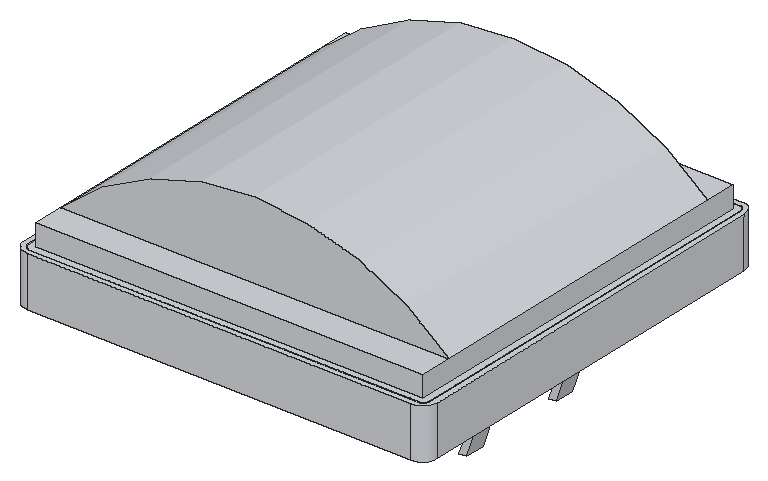
Revit family "Gira_537401", category Electrical Fixtures, host Face, Revit 2017
Family settings
  Host = Face
  Maintain Annotation Orientation = Yes
  Round Connector Dimension = Use Diameter
  Part Type = Normal
  Cut with Voids When Loaded = No
  Shared = No
  Room Calculation Point = No
Parameters (values of type "S3000 Beweg.m.aufs. 1,10 m Komfort BT System 55 Cremeweiß")
  Werkstoffgüte = "sonstige"
  Werkstoff = "sonstige"
  Vernetzbar = "Yes"
  Unterkriechschutz/Rückfeldüberwachung = "No"
  URL = "http://katalog.gira.de/de_DE/datenblatt.html?artikelnr=537401"
  Treppenhausüberwachung = "Yes"
  Tierschneise = "Yes"
  Teach-Funktion für Ansprechhelligkeit = "No"
  Region = "DE"
  RAL-Nummer (ähnlich) = "1013 "
  Name = "S3000 Beweg.m.aufs. 1,10 m Komfort BT System 55 Cremeweiß"
  Montagehöhe = "1,1 m"
  Montageart = "unter Putz"
  Min. Einschaltdauer = "10 s"
  Max. Reichweite zu einer Seite = "6 m"
  Max. Reichweite frontal = "10 m"
  Max. Einschaltdauer = "1800 s"
  Manufacturer URL = "https://www.gira.de/"
  Konstantlichtregelung = "No"
  Keynote = "Bewegungsmelder_1,10m"
  HeinzeBIM = "https://bimportal.heinze.de/bim/s3000-beweg-m-aufs-1-10-m-komfort-bt-system-55-cremeweiss/a141a2cecabb5eefa2378ffd239154cf858d1ac0"
  Halogenfrei = "Yes"
  HLK-Ansteuerung = "No"
  HAN = "537401"
  Geeignet für drahtlose Übertragung = "No"
  Geeignet für Schutzart (IP) = "IP20"
  GTIN = "4010337048336"
  Farbe = "cremeweiß (elektroweiß)"
  Erfassungswinkel horizontal = "1 - 180"
  Default Elevation = 1219.2 mm
  Data sheet (1) = "https://katalog.gira.de/de_DE/download.html?artikelnr=537401"
  Category = "Bewegungsmelder-Sensor"
  Available = "Yes"
  Ausführung = "Bewegungsmelder"
  Ansprechhelligkeit einstellbar = "No"
  Ansprechempfindlichkeit einstellbar = "Yes"
  Abdimmfunktion mit Dimmeinsatz = "No"
Reference planes
  plane 1 "Center (Front/Back)": y = 0
  plane 2: z = 0
  plane 3 "Center (Left/Right)": x = 0
Forms (mm)
  Extrusion 1, solid, detail levels fine
    sketch origin (0, 0, 0) x (1, 0, 0) y (0, 0, 1)
      loop
        line (-33.025, 12.126) -> (33.025, 12.126)
        arc (33.025, 12.126) -> (0, 25.3) -> (-33.025, 12.126) r 47.982
    from -27.6 to 27.6
  Extrusion 2, solid, detail levels fine
    sketch origin (0, 0, 0) x (1, 0, 0) y (0, 1, 0)
      loop
        line (33.025, 33.025) -> (-33.025, 33.025) -> (-33.025, -33.025) -> (33.025, -33.025) -> (33.025, 33.025)
    from 8.55 to 12.126
  Extrusion 3, solid, detail levels fine
    sketch origin (0, 0, 0) x (1, 0, 0) y (0, 1, 0)
      loop
        spline (-32.7, 35.2) -> (-33.027, 35.179) -> (-33.347, 35.115) -> (-33.657, 35.01) -> (-33.95, 34.865) -> (-34.222, 34.683) -> (-34.468, 34.468) -> (-34.683, 34.222) -> (-34.865, 33.95) -> (-35.01, 33.657) -> (-35.115, 33.347) -> (-35.179, 33.027) -> (-35.2, 32.7)
        line (-35.2, 32.7) -> (-35.2, -32.7)
        spline (-35.2, -32.7) -> (-35.179, -33.027) -> (-35.115, -33.347) -> (-35.01, -33.657) -> (-34.865, -33.95) -> (-34.683, -34.222) -> (-34.468, -34.468) -> (-34.222, -34.683) -> (-33.95, -34.865) -> (-33.657, -35.01) -> (-33.347, -35.115) -> (-33.027, -35.179) -> (-32.7, -35.2)
        line (-32.7, -35.2) -> (32.7, -35.2)
        spline (32.7, -35.2) -> (33.027, -35.179) -> (33.347, -35.115) -> (33.657, -35.01) -> (33.95, -34.865) -> (34.222, -34.683) -> (34.468, -34.468) -> (34.683, -34.222) -> (34.865, -33.95) -> (35.01, -33.657) -> (35.115, -33.347) -> (35.179, -33.027) -> (35.2, -32.7)
        line (35.2, -32.7) -> (35.2, 32.7)
        spline (35.2, 32.7) -> (35.179, 33.027) -> (35.115, 33.347) -> (35.01, 33.657) -> (34.865, 33.95) -> (34.683, 34.222) -> (34.468, 34.468) -> (34.222, 34.683) -> (33.95, 34.865) -> (33.657, 35.01) -> (33.347, 35.115) -> (33.027, 35.179) -> (32.7, 35.2)
        line (32.7, 35.2) -> (-32.7, 35.2)
      loop
        line (-34.2, 33.2) -> (-34.2, -33.2)
        spline (-34.2, -33.2) -> (-34.191, -33.331) -> (-34.166, -33.459) -> (-34.124, -33.583) -> (-34.066, -33.7) -> (-33.993, -33.809) -> (-33.907, -33.907) -> (-33.809, -33.993) -> (-33.7, -34.066) -> (-33.583, -34.124) -> (-33.459, -34.166) -> (-33.331, -34.191) -> (-33.2, -34.2)
        line (-33.2, -34.2) -> (33.2, -34.2)
        spline (33.2, -34.2) -> (33.331, -34.191) -> (33.459, -34.166) -> (33.583, -34.124) -> (33.7, -34.066) -> (33.809, -33.993) -> (33.907, -33.907) -> (33.993, -33.809) -> (34.066, -33.7) -> (34.124, -33.583) -> (34.166, -33.459) -> (34.191, -33.331) -> (34.2, -33.2)
        line (34.2, -33.2) -> (34.2, 33.2)
        spline (34.2, 33.2) -> (34.191, 33.331) -> (34.166, 33.459) -> (34.124, 33.583) -> (34.066, 33.7) -> (33.993, 33.809) -> (33.907, 33.907) -> (33.809, 33.993) -> (33.7, 34.066) -> (33.583, 34.124) -> (33.459, 34.166) -> (33.331, 34.191) -> (33.2, 34.2)
        line (33.2, 34.2) -> (-33.2, 34.2)
        spline (-33.2, 34.2) -> (-33.331, 34.191) -> (-33.459, 34.166) -> (-33.583, 34.124) -> (-33.7, 34.066) -> (-33.809, 33.993) -> (-33.907, 33.907) -> (-33.993, 33.809) -> (-34.066, 33.7) -> (-34.124, 33.583) -> (-34.166, 33.459) -> (-34.191, 33.331) -> (-34.2, 33.2)
    from 0 to 8.55
  Extrusion 4, solid, detail levels fine
    sketch origin (0, 0, 0) x (1, 0, 0) y (0, 1, 0)
      loop
        line (-34.2, 33.2) -> (-34.2, -33.2)
        spline (-34.2, -33.2) -> (-34.191, -33.331) -> (-34.166, -33.459) -> (-34.124, -33.583) -> (-34.066, -33.7) -> (-33.993, -33.809) -> (-33.907, -33.907) -> (-33.809, -33.993) -> (-33.7, -34.066) -> (-33.583, -34.124) -> (-33.459, -34.166) -> (-33.331, -34.191) -> (-33.2, -34.2)
        line (-33.2, -34.2) -> (33.2, -34.2)
        spline (33.2, -34.2) -> (33.331, -34.191) -> (33.459, -34.166) -> (33.583, -34.124) -> (33.7, -34.066) -> (33.809, -33.993) -> (33.907, -33.907) -> (33.993, -33.809) -> (34.066, -33.7) -> (34.124, -33.583) -> (34.166, -33.459) -> (34.191, -33.331) -> (34.2, -33.2)
        line (34.2, -33.2) -> (34.2, 33.2)
        spline (34.2, 33.2) -> (34.191, 33.331) -> (34.166, 33.459) -> (34.124, 33.583) -> (34.066, 33.7) -> (33.993, 33.809) -> (33.907, 33.907) -> (33.809, 33.993) -> (33.7, 34.066) -> (33.583, 34.124) -> (33.459, 34.166) -> (33.331, 34.191) -> (33.2, 34.2)
        line (33.2, 34.2) -> (-33.2, 34.2)
        spline (-33.2, 34.2) -> (-33.331, 34.191) -> (-33.459, 34.166) -> (-33.583, 34.124) -> (-33.7, 34.066) -> (-33.809, 33.993) -> (-33.907, 33.907) -> (-33.993, 33.809) -> (-34.066, 33.7) -> (-34.124, 33.583) -> (-34.166, 33.459) -> (-34.191, 33.331) -> (-34.2, 33.2)
    from 6.175 to 8.55
  Extrusion 5, solid, detail levels fine
    sketch origin (0, 0, 0) x (1, 0, 0) y (0, 1, 0)
      loop
        spline (-27.7, -27.1) -> (-27.696, -27.165) -> (-27.683, -27.229) -> (-27.662, -27.291) -> (-27.633, -27.35) -> (-27.597, -27.404) -> (-27.554, -27.454) -> (-27.504, -27.497) -> (-27.45, -27.533) -> (-27.391, -27.562) -> (-27.329, -27.583) -> (-27.265, -27.596) -> (-27.2, -27.6)
        line (-27.2, -27.6) -> (27.2, -27.6)
        spline (27.2, -27.6) -> (27.265, -27.596) -> (27.329, -27.583) -> (27.391, -27.562) -> (27.45, -27.533) -> (27.504, -27.497) -> (27.554, -27.454) -> (27.597, -27.404) -> (27.633, -27.35) -> (27.662, -27.291) -> (27.683, -27.229) -> (27.696, -27.165) -> (27.7, -27.1)
        line (27.7, -27.1) -> (27.7, 27.1)
        spline (27.7, 27.1) -> (27.696, 27.165) -> (27.683, 27.229) -> (27.662, 27.291) -> (27.633, 27.35) -> (27.597, 27.404) -> (27.554, 27.454) -> (27.504, 27.497) -> (27.45, 27.533) -> (27.391, 27.562) -> (27.329, 27.583) -> (27.265, 27.596) -> (27.2, 27.6)
        line (27.2, 27.6) -> (-27.2, 27.6)
        spline (-27.2, 27.6) -> (-27.265, 27.596) -> (-27.329, 27.583) -> (-27.391, 27.562) -> (-27.45, 27.533) -> (-27.504, 27.497) -> (-27.554, 27.454) -> (-27.597, 27.404) -> (-27.633, 27.35) -> (-27.662, 27.291) -> (-27.683, 27.229) -> (-27.696, 27.165) -> (-27.7, 27.1)
        line (-27.7, 27.1) -> (-27.7, -27.1)
      loop
        line (26.9, 26.8) -> (-26.9, 26.8) -> (-26.9, -26.8) -> (26.9, -26.8) -> (26.9, 26.8)
    from 0 to 6.175
  Extrusion 6, solid, detail levels fine
    sketch origin (0, 0, 0) x (1, 0, 0) y (0, 1, 0)
      loop
        line (-15.4, -23.928) -> (15.4, -23.928)
        arc (15.4, -23.928) -> (21.43, -21.43) -> (23.928, -15.4) r 8.528
        line (23.928, -15.4) -> (23.928, 15.4)
        arc (23.928, 15.4) -> (21.43, 21.43) -> (15.4, 23.928) r 8.528
        line (15.4, 23.928) -> (-15.4, 23.928)
        arc (-15.4, 23.928) -> (-21.43, 21.43) -> (-23.928, 15.4) r 8.528
        line (-23.928, 15.4) -> (-23.928, -15.4)
        arc (-23.928, -15.4) -> (-21.43, -21.43) -> (-15.4, -23.928) r 8.528
    from -0.985 to 1.6
  Extrusion 7, solid, detail levels fine
    sketch origin (0, 0, 0) x (1, 0, 0) y (0, 1, 0)
      loop
        line (-26.35, 18.301) -> (-26.35, -18.801)
        spline (-26.35, -18.801) -> (-26.286, -19.78) -> (-26.095, -20.742) -> (-25.779, -21.671) -> (-25.345, -22.551) -> (-24.8, -23.366) -> (-24.154, -24.104) -> (-23.416, -24.75) -> (-22.601, -25.295) -> (-21.721, -25.729) -> (-20.792, -26.045) -> (-19.83, -26.236) -> (-18.851, -26.3)
        line (-18.851, -26.3) -> (18.851, -26.3)
        spline (18.851, -26.3) -> (19.83, -26.236) -> (20.792, -26.045) -> (21.721, -25.729) -> (22.601, -25.295) -> (23.416, -24.75) -> (24.154, -24.104) -> (24.8, -23.366) -> (25.345, -22.551) -> (25.779, -21.671) -> (26.094, -20.742) -> (26.286, -19.78) -> (26.35, -18.801)
        line (26.35, -18.801) -> (26.35, 18.301)
        spline (26.35, 18.301) -> (26.286, 19.28) -> (26.094, 20.242) -> (25.779, 21.171) -> (25.345, 22.051) -> (24.8, 22.866) -> (24.154, 23.604) -> (23.416, 24.25) -> (22.601, 24.795) -> (21.721, 25.229) -> (20.792, 25.545) -> (19.83, 25.736) -> (18.851, 25.8)
        line (18.851, 25.8) -> (-18.851, 25.8)
        spline (-18.851, 25.8) -> (-19.83, 25.736) -> (-20.792, 25.545) -> (-21.721, 25.229) -> (-22.601, 24.795) -> (-23.416, 24.25) -> (-24.154, 23.604) -> (-24.8, 22.866) -> (-25.345, 22.051) -> (-25.779, 21.171) -> (-26.095, 20.242) -> (-26.286, 19.28) -> (-26.35, 18.301)
    from 1.6 to 6.1
  Extrusion 8, solid, detail levels fine
    sketch origin (0, 0, 0) x (1, 0, 0) y (0, 0, 1)
      loop
        line (-23.048, -13.343) -> (-21.665, -13.513) -> (-24.338, -6.363) -> (-23.36, 1.6) -> (-25.023, 1.6) -> (-24.975, -1.121) -> (-25.39, -6.541) -> (-23.048, -13.343)
      loop
        line (23.048, -13.343) -> (25.39, -6.541) -> (24.975, -1.121) -> (25.023, 1.6) -> (23.36, 1.6) -> (24.338, -6.363) -> (21.665, -13.513) -> (23.048, -13.343)
    from 7.9 to 11.14
  Extrusion 9, solid, detail levels fine
    sketch origin (0, 0, 0) x (1, 0, 0) y (0, 0, -1)
      loop
        line (-23.048, 13.343) -> (-25.39, 6.541) -> (-24.975, 1.121) -> (-25.023, -1.6) -> (-23.36, -1.6) -> (-24.338, 6.363) -> (-21.665, 13.513) -> (-23.048, 13.343)
      loop
        line (23.048, 13.343) -> (21.665, 13.513) -> (24.338, 6.363) -> (23.36, -1.6) -> (25.023, -1.6) -> (24.975, 1.121) -> (25.39, 6.541) -> (23.048, 13.343)
    from 7.9 to 11.14
  Extrusion 10, solid, detail levels fine
    sketch origin (0, 0, 0) x (1, 0, 0) y (0, 1, 0)
      loop
        line (-5.141, 20.681) -> (-5.141, 15.099)
        spline (-5.141, 15.099) -> (-5.133, 14.968) -> (-5.107, 14.84) -> (-5.065, 14.716) -> (-5.007, 14.599) -> (-4.935, 14.49) -> (-4.849, 14.391) -> (-4.75, 14.305) -> (-4.641, 14.233) -> (-4.524, 14.175) -> (-4.4, 14.133) -> (-4.272, 14.107) -> (-4.141, 14.099)
        line (-4.141, 14.099) -> (4.141, 14.099)
        spline (4.141, 14.099) -> (4.272, 14.107) -> (4.4, 14.133) -> (4.524, 14.175) -> (4.641, 14.233) -> (4.75, 14.305) -> (4.849, 14.391) -> (4.935, 14.49) -> (5.007, 14.599) -> (5.065, 14.716) -> (5.107, 14.84) -> (5.133, 14.968) -> (5.141, 15.099)
        line (5.141, 15.099) -> (5.141, 20.681)
        spline (5.141, 20.681) -> (5.133, 20.812) -> (5.107, 20.94) -> (5.065, 21.064) -> (5.007, 21.181) -> (4.935, 21.29) -> (4.849, 21.389) -> (4.75, 21.475) -> (4.641, 21.547) -> (4.524, 21.605) -> (4.4, 21.647) -> (4.272, 21.673) -> (4.141, 21.681)
        line (4.141, 21.681) -> (-4.141, 21.681)
        spline (-4.141, 21.681) -> (-4.272, 21.673) -> (-4.4, 21.647) -> (-4.524, 21.605) -> (-4.641, 21.547) -> (-4.75, 21.475) -> (-4.849, 21.389) -> (-4.935, 21.29) -> (-5.007, 21.181) -> (-5.065, 21.064) -> (-5.107, 20.94) -> (-5.133, 20.812) -> (-5.141, 20.681)
    from -17.3 to -0.985
  Extrusion 11, solid, detail levels medium
    sketch origin (0, 0, 0) x (1, 0, 0) y (0, 1, 0)
      loop
        line (33.025, 33.025) -> (-33.025, 33.025) -> (-33.025, -33.025) -> (33.025, -33.025) -> (33.025, 33.025)
    from 8.55 to 25.3
  Extrusion 12, solid, detail levels medium
    sketch origin (0, 0, 0) x (1, 0, 0) y (0, 1, 0)
      loop
        line (-35.2, 35.2) -> (-35.2, -35.2) -> (35.2, -35.2) -> (35.2, 35.2) -> (-35.2, 35.2)
    from 0 to 8.55
  Extrusion 13, solid, detail levels medium
    sketch origin (0, 0, 0) x (1, 0, 0) y (0, 0, 1)
      loop
        line (-25.023, 1.6) -> (-25.023, -13.1) -> (-21.665, -13.513) -> (-21.665, 1.6) -> (-25.023, 1.6)
      loop
        line (25.023, 1.6) -> (21.665, 1.6) -> (21.665, -13.513) -> (25.023, -13.1) -> (25.023, 1.6)
    from 8 to 11.14
  Extrusion 14, solid, detail levels medium
    sketch origin (0, 0, 0) x (1, 0, 0) y (0, 0, -1)
      loop
        line (-25.023, -1.6) -> (-21.665, -1.6) -> (-21.665, 13.513) -> (-25.023, 13.1) -> (-25.023, -1.6)
      loop
        line (25.023, -1.6) -> (25.023, 13.1) -> (21.665, 13.513) -> (21.665, -1.6) -> (25.023, -1.6)
    from 8 to 11.14
  Extrusion 15, solid, detail levels medium
    sketch origin (0, 0, 0) x (1, 0, 0) y (0, 1, 0)
      loop
        line (-5.141, 21.681) -> (-5.141, 14.099) -> (5.141, 14.099) -> (5.141, 21.681) -> (-5.141, 21.681)
    from -17.3 to -0.985
  Extrusion 16, solid, detail levels coarse
    sketch origin (0, 0, 0) x (1, 0, 0) y (0, 1, 0)
      loop
        line (-35.2, 35.2) -> (-35.2, -35.2) -> (35.2, -35.2) -> (35.2, 35.2) -> (-35.2, 35.2)
    from -17.3 to 25.3
Dimensions and locks
  aligned and locked: plane 2 to host face
  aligned and locked: level to host face
  aligned and locked: nested 1 to plane 3 "Center (Left/Right)"
  aligned and locked: plane 1 "Center (Front/Back)" to nested 1
Nested families
  nested 1: "Belegungssensor - Bewegung - Aufputz - Beschriftung" at (0, 0, 0) x (0, -1, 0) z (0, 0, 1), type "Belegungssensor - Bewegung - Aufputz - Beschriftung"
Connectors
  electrical at (0, 0, -17.3)
    settings: on Extrusion 16, index 1, voltage 220 V, apparent load 0 VA, apparent load phase1 0 VA, apparent load phase2 0 VA, apparent load phase3 0 VA, power factor 1, load classification "Other", number of poles 1, system type 30, power factor state 1, is connector primary yes, connector utility no, sub classification motor no, connector description ""
Definition of nested family "Belegungssensor - Bewegung - Aufputz - Beschriftung"
  Reference planes
    plane 1: y = 0
    plane 2: x = 0
  Lines and regions (mm)
    Filled region 1, type "Gefüllter Bereich 1"
      outline origin (143.425, -20.712, 0) x (1, 0, 0) y (0, 1, 0)
        loop
          line (-148.697, 21.204) -> (-148.697, 20.409) -> (-147.583, 20.807) -> (-148.697, 21.204)
    Filled region 2, type "Gefüllter Bereich 1"
      outline origin (141.808, 30.001, 0) x (0.939693, 0.34202, 0) y (-0.34202, 0.939693, 0)
        loop
          line (-148.694, 21.203) -> (-148.694, 20.41) -> (-147.583, 20.807) -> (-148.694, 21.203)
    Filled region 3, type "Gefüllter Bereich 1"
      outline origin (141.819, -29.825, 0) x (-0.34202, -0.939693, 0) y (0.939693, -0.34202, 0)
        loop
          line (21.204, -148.697) -> (20.807, -147.583) -> (20.409, -148.697) -> (21.204, -148.697)
    detail lines
      curve 1: line (-1.207, 0.095, 0) -> (-3.486, 1.411, 0)
      curve 2: line (-1.207, 0.095, 0) -> (-3.486, -1.221, 0)
      curve 5: arc (-3.252, 1.752, 0) -> (-3.839, 0.095, 0) -> (-3.252, -1.562, 0) r 2.632
      curve 6: line (-6, 3, 0) -> (0, 3, 0)
      curve 7: line (-6, -3, 0) -> (-6, 3, 0)
      curve 8: line (0, -3, 0) -> (-6, -3, 0)
      curve 9: line (0, 3, 0) -> (0, -3, 0)
    reference lines
      curve 3: line (-1.207, 0.095, 0) -> (-3.616, 2.046, 0)
      curve 4: line (-1.207, 0.095, 0) -> (-3.616, -1.856, 0)
  Dimensions and locks
    curve 1 to curve 1 = 2.632 mm
    curve 2 to curve 2 = 2.632 mm
    curve 6 to curve 8 = 6 mm
    curve 7 to curve 9 = 6 mm
    angle curve 1 to curve 2 = 60.00°
    aligned and locked: curve 6 to curve 7
    aligned and locked: curve 9 to curve 9
